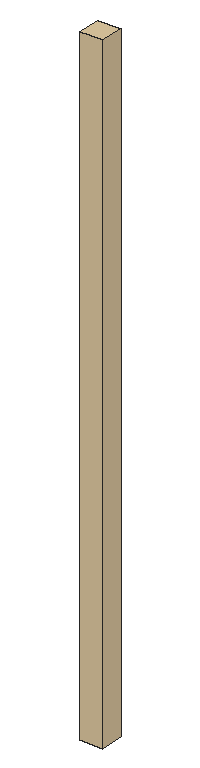
Revit family "M_Cota Madeira -Coluna", category Pilares estruturais, Revit 2019
Family settings
  Forma do corte = Não definido
  Material para o comportamento do modelo = Madeira
  Exportar sempre como geometria = Não
  Redução da viga na planta = Da caixa de vinculação
  Número OmniClass = 23.25.30.11.14.11
  Título OmniClass = Columns
  ID de item do Seek = Dimension Lumber-Column-0000-CAN-ENU
  Corte com vazios quando carregada = Não
  Representação simbólica = Das configurações de projeto
  Compartilhado = Não
  Exibir o pré-corte da família na vista da planta = Sim
Parameters (values of type "89x89")
  Structural Material [instance] = Madeira de Conífera, Madeira
  Assembly Code = ""
  A = 0.007903 m²
  b = 88.9 mm
  d = 88.9 mm
Reference planes
  plane 1 "Centro (Frente/Trás)": y = 0
  plane 2: z = 0
  plane 3 "Centro (Esquerda/Direita)": x = 0
  plane 4: x = -44.45
  plane 5: x = 44.45
  plane 6: y = 44.45
  plane 7: y = -44.45
Forms (mm)
  Extrusion 1, solid, material "Madeira de Conífera, Madeira" <- "Structural Material", detail levels medium+fine
    sketch origin (0, 0, 0) x (1, 0, 0) y (0, 1, 0)
      loop
        line (-44.45, 44.45) -> (-44.45, -44.45) -> (44.45, -44.45) -> (44.45, 44.45) -> (-44.45, 44.45)
    from 0 to 2500
Lines and regions (mm)
  symbolic lines, style "StructuralColumnStickSymbols", detail levels coarse
    curve 1: line (-44.45, 44.45, 0) -> (44.45, 44.45, 0)
    curve 2: line (-44.45, -44.45, 0) -> (44.45, -44.45, 0)
    curve 3: line (-44.45, 44.45, 0) -> (-44.45, -44.45, 0)
    curve 4: line (44.45, 44.45, 0) -> (44.45, -44.45, 0)
Dimensions and locks
  equal spacing: plane 4, plane 3 "Centro (Esquerda/Direita)", plane 5
  equal spacing: plane 7, plane 1 "Centro (Frente/Trás)", plane 6
  "d": plane 7 to plane 6
  "b": plane 4 to plane 5
  aligned and locked: plane 6 to Extrusion 1 sketch curve
  aligned and locked: Extrusion 1 sketch curve to plane 7
  aligned and locked: Extrusion 1 sketch curve to plane 4
  aligned and locked: plane 5 to Extrusion 1 sketch curve
  aligned and locked: level to Extrusion 1
  aligned and locked: level to plane 2
  aligned and locked: Extrusion 1 to plane 2
Automatic sketch dimensions
  curve 3 to plane 4 = 0 mm
  curve 4 to plane 5 = 0 mm
  curve 3 to plane 7 = 0 mm
  curve 3 to plane 6 = 0 mm
Types in the file's own list only (23): name | A | b | d
  38x64 | 0.00 m² | 38 mm | 64 mm
  38x89 | 0.00 m² | 38 mm | 89 mm
  38x114 | 0.00 m² | 38 mm | 114 mm
  38x140 | 0.01 m² | 38 mm | 140 mm
  38x184 | 0.01 m² | 38 mm | 184 mm
  38x235 | 0.01 m² | 38 mm | 235 mm
  38x286 | 0.01 m² | 38 mm | 286 mm
  38x337 | 0.01 m² | 38 mm | 337 mm
  64x89 | 0.01 m² | 64 mm | 89 mm
  64x114 | 0.01 m² | 64 mm | 114 mm
  64x140 | 0.01 m² | 64 mm | 140 mm
  64x184 | 0.01 m² | 64 mm | 184 mm
  64x235 | 0.01 m² | 64 mm | 235 mm
  64x286 | 0.02 m² | 64 mm | 286 mm
  64x337 | 0.02 m² | 64 mm | 337 mm
  64x387 | 0.02 m² | 64 mm | 387 mm
  89x114 | 0.01 m² | 89 mm | 114 mm
  89x140 | 0.01 m² | 89 mm | 140 mm
  89x184 | 0.02 m² | 89 mm | 184 mm
  89x235 | 0.02 m² | 89 mm | 235 mm
  89x286 | 0.03 m² | 89 mm | 286 mm
  89x337 | 0.03 m² | 89 mm | 337 mm
  89x387 | 0.03 m² | 89 mm | 387 mm
